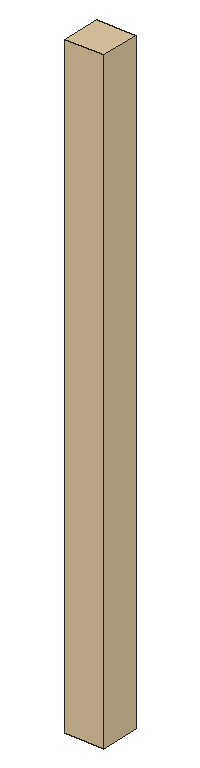
Revit family
Parameters (values of type "191 x 191mm")
  Depth = 191.00 mm
  Material = Wood - Dimensional Lumber
  Width = 191.00 mm
Types (8, lengths in mm): name | Depth | Width
  (no name) | 191.00 | 191.00
  140 x 191mm | 191.00 | 140.00
  191 x 191mm | 191.00 | 191.00
  140 x 140mm | 140.00 | 140.00
  191 x 241mm | 241.00 | 191.00
  114 x 114mm | 114.00 | 114.00
  140 x 241mm | 241.00 | 140.00
  191 x 292mm | 292.00 | 191.00
Reference planes
  plane 1: y = 0
  plane 2: z = 0
  plane 3: x = 0
  plane 4: x = -95.5
  plane 5: x = 95.5
  plane 6: y = 95.5
  plane 7: y = -95.5
Forms (mm)
  Extrusion 1, solid, material "Wood - Dimensional Lumber" <- "Material"
    sketch origin (0, 0, 0) x (1, 0, 0) y (0, 1, 0)
      loop
        line (-95.5, -95.5) -> (95.5, -95.5) -> (95.5, 95.5) -> (-95.5, 95.5) -> (-95.5, -95.5)
    from 0 to 3000
Lines and regions (mm)
  symbolic lines
    curve 1: line (-95.5, 95.5, 0) -> (95.5, -95.5, 0)
    curve 2: line (95.5, 95.5, 0) -> (-95.5, -95.5, 0)
Dimensions and locks
  equal spacing: plane 4, plane 3, plane 5
  equal spacing: plane 7, plane 1, plane 6
  "Width": plane 4 to plane 5
  "Depth": plane 7 to plane 6
  aligned and locked: plane 4 to Extrusion 1 sketch curve
  aligned and locked: plane 5 to Extrusion 1 sketch curve
  aligned and locked: Extrusion 1 sketch curve to plane 5
  aligned and locked: level to Extrusion 1
Automatic sketch dimensions
  Extrusion 1 sketch curve to plane 7 = 0.00 mm
  Extrusion 1 sketch curve to plane 6 = 0.00 mm
  curve 2 to plane 5 = 0.00 mm
  curve 1 to plane 5 = 0.00 mm
  curve 1 to plane 7 = 0.00 mm
  curve 2 to plane 6 = 0.00 mm
  curve 1 to plane 6 = 0.00 mm
  curve 2 to plane 4 = 0.00 mm
  curve 1 to plane 4 = 0.00 mm
  curve 2 to plane 7 = 0.00 mm
